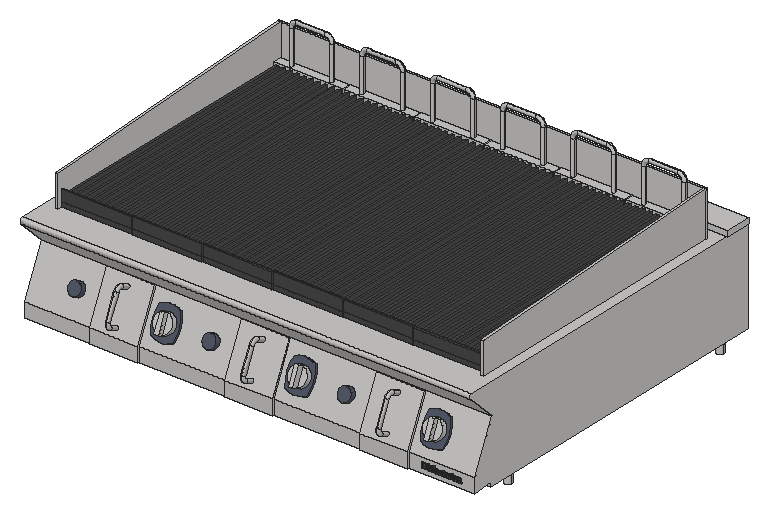
Revit family "QF_ELECTROLUXPROFESSIONAL_391188_E9GRTLGC0P", category Specialty Equipment, Revit 2018
Family settings
  Round Connector Dimension = Use Diameter
  Part Type = Normal
  Work Plane-Based = No
  Always vertical = Yes
  Cut with Voids When Loaded = No
  Shared = No
  Room Calculation Point = No
Parameters
  Width = 1200 mm  # constant formula
  Weight in Pounds = 330.7  # constant formula
  Watts = 0 W
  URL Cutsheet = "www.electrolux.com"
  URL = "www.electrolux.com"
  Type Mark [instance] = ""
  Status [instance] = ""
  Specification by User [instance] = ""
  Specification by Manufacturer = ""
  Show Logo [instance] = yes
  Show Clearance [instance] = yes
  Serial Number = ""
  Seismic Rating = ""
  SMACNA No = ""
  Revision Code [instance] = ""
  Omniclass Number and Title = ""
  NAFEM Spec ID Number = ""
  Model = "391188"
  Mechanical Remarks [instance] = ""
  Mechanical Connection Type [instance] = ""
  Masterspec = ""
  Manufacturer = "ELECTROLUX"
  Item Number [instance] = ""
  Installed By [instance] = ""
  Identify Quantity as Lot [instance] = yes
  HP = "0 HP"
  Gas Size = 19.1 mm  # 0.75197"
  Gas RI Height [instance] = 0 mm
  Gas KW [instance] = 30  # constant formula
  Gas Input [instance] = 30000 VA  # 102364.2 Btu/h
  Gas Connection Height = 0 mm
  Furnished By [instance] = ""
  Foodservice Equipment Identifier [instance] = yes
  Direct Waste Size = 0"
  Description = "GAS GRILL TOP HP 1200 MM TOWN GAS"
  Depth = 930 mm  # constant formula
  CSI MasterFormat = ""
  CSI Master Format = ""
  Base Height [instance] = 0 mm
Reference planes
  plane 1 "BACK": y = 0
  plane 2: z = 0
  plane 3 "LEFT": x = 0
  plane 4 "RIGHT": x = 1200
  plane 5 "FRONT": y = -930
  plane 6 "TOP": z = 275
  plane 7 "Center Y": x = 600
  plane 8 "Center X": y = -465
  plane 9: z = 24
  plane 10: z = 424
  plane 11: x = 11
  plane 12: x = 1189
  plane 13: y = -1690
  plane 14: x = 1148
Forms (mm)
  Extrusion 1, solid, material "QF_Finishes_Stainless Steel"
    sketch origin (0, 0, 0) x (0, 1, 0) y (0, 0, 1)
      loop
        line (0, 275) -> (-922.639, 275)
        arc (-922.639, 275) -> (-929.44, 270.456) -> (-927.844, 262.434) r 7.361
        line (-927.844, 262.434) -> (-857.044, 191.634) -> (-913.4, 69.19) -> (-913.4, 31.09) -> (-860.028, 36.7) -> (-860.028, 24) -> (0, 24) -> (0, 275)
    from 0 to 1200
  Extrusion 2, solid, material "QF_Finishes_Stainless Steel"
    sketch origin (0, 0, 0) x (1, 0, 0) y (0, 1, 0)
      loop
        circle (11, -80) r 9.525
      loop
        circle (11, -788) r 9.525
      loop
        circle (1189, -80) r 9.525
      loop
        circle (1189, -788) r 9.525
    from 0 to 24
  Extrusion 3, solid, material "QF_Clearances", visible <- "Show Clearance", detail levels coarse
    sketch origin (0, 0, 0) x (1, 0, 0) y (0, 1, 0)
      loop
        line (0, -930) -> (0, 0) -> (1200, 0) -> (1200, -930) -> (1352, -930) -> (1352, 203) -> (-150.019, 203) -> (-150.019, -930) -> (0, -930)
    from 0 to 424
  Extrusion 4, solid, material "QF_Finishes_Stainless Steel"
    sketch origin (176.15, -199.714, 0) x (0, 1, 0) y (0, 0, 1)
      loop
        line (-657.416, 191.447) -> (-660.323, 192.784) -> (-716.972, 69.704) -> (-716.972, 30.903) -> (-713.772, 30.903) -> (-713.772, 69.003) -> (-657.416, 191.447)
    from 0 to 127
  Sweep 5, solid, material "QF_Finishes_Stainless Steel"
    path origin (238.65, -199.714, 0) x (0, 1, 0) y (0, 0, 1)
      loop
        line (-670.615, 170.424) -> (-691.243, 179.918)
        arc (-691.243, 179.918) -> (-700.956, 180.294) -> (-708.09, 173.692) r 12.7
        line (-708.09, 173.692) -> (-735.638, 113.839)
        arc (-735.638, 113.839) -> (-736.013, 104.126) -> (-729.411, 96.993) r 12.7
        line (-729.411, 96.993) -> (-708.782, 87.498)
    profile origin (238.65, -880.643, 175.171) x (0, -0.418102, -0.9084) y (1, 0, 0)
      loop
        circle (0, 0) r 4.572
  Extrusion 6, solid, material "QF_Finishes_Navy Blue"
    sketch origin (653.031, -927.103, 39.419) x (0, 0.418102, 0.9084) y (-1, 0, 0)
      loop
        circle (98.862, 174.801) r 17.8
      loop
        circle (98.862, 534.151) r 17.8
      loop
        circle (98.862, -186.549) r 17.8
    from 0 to 12.7
  Extrusion 7, solid, material "QF_Finishes_Stainless Steel"
    sketch origin (648.95, -199.714, 0) x (0, 1, 0) y (0, 0, -1)
      loop
        line (-657.416, -191.447) -> (-713.772, -69.003) -> (-713.772, -30.903) -> (-716.972, -30.903) -> (-716.972, -69.704) -> (-660.323, -192.784) -> (-657.416, -191.447)
    from -13.55 to 113.45
  Sweep 8, solid, material "QF_Finishes_Stainless Steel"
    path origin (600, -199.714, 0) x (0, 1, 0) y (0, 0, -1)
      loop
        line (-670.615, -170.424) -> (-691.243, -179.918)
        arc (-691.243, -179.918) -> (-700.956, -180.294) -> (-708.09, -173.692) r 12.7
        line (-708.09, -173.692) -> (-735.638, -113.839)
        arc (-735.638, -113.839) -> (-736.013, -104.126) -> (-729.411, -96.993) r 12.7
        line (-729.411, -96.993) -> (-708.782, -87.498)
    profile origin (600, -880.643, 175.171) x (0, 0.418102, 0.9084) y (-1, 0, 0)
      loop
        circle (0, 0) r 4.572
  Extrusion 9, solid, material "QF_Door-Drawer Clearances", visible <- "Show Clearance", detail levels coarse
    sketch origin (176.15, -199.714, 0) x (0, 1, 0) y (0, 0, 1)
      loop
        line (-660.323, 192.784) -> (-1409.258, 192.784) -> (-1465.907, 69.704) -> (-1465.907, 30.903) -> (-716.972, 30.903) -> (-716.972, 69.704) -> (-660.323, 192.784)
    from 0 to 127
  Extrusion 10, solid, material "QF_Door-Drawer Clearances", visible <- "Show Clearance", detail levels coarse
    sketch origin (535.5, -199.714, 0) x (0, 1, 0) y (0, 0, 1)
      loop
        line (-660.323, 192.784) -> (-1409.258, 192.784) -> (-1465.907, 69.704) -> (-1465.907, 30.903) -> (-716.972, 30.903) -> (-716.972, 69.704) -> (-660.323, 192.784)
    from 0 to 127
  Sweep 11, solid, material "QF_Door-Drawer Clearances", visible <- "Show Clearance", detail levels coarse
    path origin (238.65, -948.649, 0) x (0, 1, 0) y (0, 0, 1)
      loop
        line (-670.615, 170.424) -> (-691.243, 179.918)
        arc (-691.243, 179.918) -> (-700.956, 180.294) -> (-708.09, 173.692) r 12.7
        line (-708.09, 173.692) -> (-735.638, 113.839)
        arc (-735.638, 113.839) -> (-736.013, 104.126) -> (-729.411, 96.993) r 12.7
        line (-729.411, 96.993) -> (-708.782, 87.498)
    profile origin (238.65, -1629.578, 175.171) x (0, -0.418102, -0.9084) y (1, 0, 0)
      loop
        circle (0, 0) r 4.572
  Sweep 12, solid, material "QF_Door-Drawer Clearances", visible <- "Show Clearance", detail levels coarse
    path origin (600, -948.649, 0) x (0, 1, 0) y (0, 0, -1)
      loop
        line (-670.615, -170.424) -> (-691.243, -179.918)
        arc (-691.243, -179.918) -> (-700.956, -180.294) -> (-708.09, -173.692) r 12.7
        line (-708.09, -173.692) -> (-735.638, -113.839)
        arc (-735.638, -113.839) -> (-736.013, -104.126) -> (-729.411, -96.993) r 12.7
        line (-729.411, -96.993) -> (-708.782, -87.498)
    profile origin (600, -1629.578, 175.171) x (0, 0.418102, 0.9084) y (-1, 0, 0)
      loop
        circle (0, 0) r 4.572
  Extrusion 13, solid, material "QF_Finishes_Black"
    sketch origin (0, 0, 275) x (0, -1, 0) y (1, 0, 0)
      loop
        line (836.985, 36.625) -> (836.985, 222.285) -> (130.285, 222.285) -> (130.285, 36.625) -> (836.985, 36.625)
      loop
        line (836.985, 225.485) -> (836.985, 411.145) -> (130.285, 411.145) -> (130.285, 225.485) -> (836.985, 225.485)
      loop
        line (836.985, 414.345) -> (836.985, 598.45) -> (130.285, 598.45) -> (130.285, 414.345) -> (836.985, 414.345)
      loop
        line (836.985, 1163.375) -> (130.285, 1163.375) -> (130.285, 977.715) -> (836.985, 977.715) -> (836.985, 1163.375)
      loop
        line (836.985, 974.515) -> (130.285, 974.515) -> (130.285, 788.855) -> (836.985, 788.855) -> (836.985, 974.515)
      loop
        line (836.985, 785.655) -> (130.285, 785.655) -> (130.285, 601.55) -> (836.985, 601.55) -> (836.985, 785.655)
    from 0 to 12.7
  Extrusion 14, solid, material "QF_Finishes_Stainless Steel"
    sketch origin (0, 0, 275) x (0, -1, 0) y (1, 0, 0)
      loop
        line (107.795, 36.625) -> (130.285, 36.625) -> (130.285, 222.285) -> (107.795, 222.285) -> (107.795, 36.625)
      loop
        line (107.795, 598.45) -> (107.795, 414.345) -> (130.285, 414.345) -> (130.285, 598.45) -> (107.795, 598.45)
      loop
        line (107.795, 225.485) -> (130.285, 225.485) -> (130.285, 411.145) -> (107.795, 411.145) -> (107.795, 225.485)
      loop
        line (107.795, 1163.375) -> (107.795, 977.715) -> (130.285, 977.715) -> (130.285, 1163.375) -> (107.795, 1163.375)
      loop
        line (107.795, 601.55) -> (130.285, 601.55) -> (130.285, 785.655) -> (107.795, 785.655) -> (107.795, 601.55)
      loop
        line (107.795, 974.515) -> (107.795, 788.855) -> (130.285, 788.855) -> (130.285, 974.515) -> (107.795, 974.515)
    from 0 to 37.056
  Extrusion 15, solid, material "QF_Finishes_Black"
    sketch origin (52.271, -831.985, 287.7) x (-0.153405, 0, 0.988163) y (-0.988163, 0, -0.153405)
      loop
        line (-26.081, -168.002) -> (2.927, -172.505) -> (31.408, 10.957) -> (2.4, 15.46) -> (-26.081, -168.002)
      loop
        line (-55.053, -354.627) -> (-26.045, -359.13) -> (2.436, -175.668) -> (-26.572, -171.164) -> (-55.053, -354.627)
      loop
        line (-83.787, -539.715) -> (-54.779, -544.218) -> (-26.536, -362.292) -> (-55.544, -357.789) -> (-83.787, -539.715)
      loop
        line (-112.505, -724.704) -> (-83.497, -729.207) -> (-55.254, -547.281) -> (-84.262, -542.778) -> (-112.505, -724.704)
      loop
        line (-141.477, -911.328) -> (-112.469, -915.831) -> (-83.988, -732.369) -> (-112.996, -727.866) -> (-141.477, -911.328)
      loop
        line (-170.449, -1097.953) -> (-141.441, -1102.456) -> (-112.96, -918.994) -> (-141.968, -914.49) -> (-170.449, -1097.953)
    from 5 to 0
  Sweep 16, solid, material "QF_Finishes_Stainless Steel"
    path origin (6.123, -118.772, 31.265) x (0, 0, 1) y (-1, 0, 0)
      loop
        line (280.79, -69.374) -> (372.677, -69.374)
        arc (372.677, -69.374) -> (383.453, -73.837) -> (387.917, -84.614) r 15.24
        line (387.917, -84.614) -> (387.917, -162.056)
        arc (387.917, -162.056) -> (383.453, -172.833) -> (372.677, -177.296) r 15.24
        line (372.677, -177.296) -> (280.79, -177.296)
    profile origin (75.497, -118.772, 357.999) x (-1, 0, 0) y (0, -1, 0)
      loop
        circle (0, 0) r 4.572
  Extrusion 17, solid, material "QF_Finishes_Stainless Steel"
    sketch origin (35.025, -104.885, 396.363) x (0, -1, 0) y (0, 0, -1)
      loop
        line (0, 0) -> (743.115, 38.857) -> (743.115, 121.362) -> (0, 121.363) -> (0, 0)
    from 0 to -6.35
  Extrusion 18, solid, material "QF_Finishes_Stainless Steel"
    sketch origin (35.025, -104.885, 275) x (0, 0, 1) y (1, 0, 0)
      loop
        line (0, -6.35) -> (121.363, -6.35) -> (121.363, 1136.3) -> (0, 1136.3) -> (0, -6.35)
    from 0 to 3.2
  Extrusion 19, solid, material "QF_Finishes_Stainless Steel"
    sketch origin (0, 0, 275.7) x (0, -1, 0) y (1, 0, 0)
      loop
        line (0, 1200.1) -> (0, 0) -> (69.85, 0) -> (69.85, 1200.1) -> (0, 1200.1)
    from -0.7 to 14.3
  Extrusion 20, solid, material "QF_Finishes_Stainless Steel"
    sketch origin (764.975, -104.885, 396.363) x (0, -1, 0) y (0, 0, 1)
      loop
        line (0, 0) -> (0, -121.363) -> (743.115, -121.362) -> (743.115, -38.857) -> (0, 0)
    from -406.35 to -400
  Extrusion 21, solid, material "QF_Finishes_Stainless Steel"
    sketch origin (0, -101.6, 24) x (-1, 0, 0) y (0, 1, 0)
      loop
        circle (-1147.9, -561.4) r 9.525
    from 0 to 9
  Extrusion 22, solid, material "QF_Finishes_Stainless Steel"
    sketch origin (0, 0, 0) x (1, 0, 0) y (0, 0, 1)
      loop
        circle (1148, 78) r 9.525
    from 50 to 101.685
  Sweep 23, solid, material "QF_Finishes_Stainless Steel"
    path origin (194.983, -118.772, 31.265) x (0, 0, 1) y (-1, 0, 0)
      loop
        line (280.79, -69.374) -> (372.677, -69.374)
        arc (372.677, -69.374) -> (383.453, -73.837) -> (387.917, -84.614) r 15.24
        line (387.917, -84.614) -> (387.917, -162.056)
        arc (387.917, -162.056) -> (383.453, -172.833) -> (372.677, -177.296) r 15.24
        line (372.677, -177.296) -> (280.79, -177.296)
    profile origin (264.357, -118.772, 357.999) x (-1, 0, 0) y (0, -1, 0)
      loop
        circle (0, 0) r 4.572
  Sweep 24, solid, material "QF_Finishes_Stainless Steel"
    path origin (383.066, -118.772, 31.265) x (0, 0, 1) y (-1, 0, 0)
      loop
        line (280.79, -69.374) -> (372.677, -69.374)
        arc (372.677, -69.374) -> (383.453, -73.837) -> (387.917, -84.614) r 15.24
        line (387.917, -84.614) -> (387.917, -162.056)
        arc (387.917, -162.056) -> (383.453, -172.833) -> (372.677, -177.296) r 15.24
        line (372.677, -177.296) -> (280.79, -177.296)
    profile origin (452.439, -118.772, 357.999) x (-1, 0, 0) y (0, -1, 0)
      loop
        circle (0, 0) r 4.572
  Sweep 25, solid, material "QF_Finishes_Stainless Steel"
    path origin (570.271, -118.772, 31.265) x (0, 0, 1) y (-1, 0, 0)
      loop
        line (280.79, -69.374) -> (372.677, -69.374)
        arc (372.677, -69.374) -> (383.453, -73.837) -> (387.917, -84.614) r 15.24
        line (387.917, -84.614) -> (387.917, -162.056)
        arc (387.917, -162.056) -> (383.453, -172.833) -> (372.677, -177.296) r 15.24
        line (372.677, -177.296) -> (280.79, -177.296)
    profile origin (639.644, -118.772, 357.999) x (-1, 0, 0) y (0, -1, 0)
      loop
        circle (0, 0) r 4.572
  Sweep 26, solid, material "QF_Finishes_Stainless Steel"
    path origin (758.353, -118.772, 31.265) x (0, 0, 1) y (-1, 0, 0)
      loop
        line (280.79, -69.374) -> (372.677, -69.374)
        arc (372.677, -69.374) -> (383.453, -73.837) -> (387.917, -84.614) r 15.24
        line (387.917, -84.614) -> (387.917, -162.056)
        arc (387.917, -162.056) -> (383.453, -172.833) -> (372.677, -177.296) r 15.24
        line (372.677, -177.296) -> (280.79, -177.296)
    profile origin (827.727, -118.772, 357.999) x (-1, 0, 0) y (0, -1, 0)
      loop
        circle (0, 0) r 4.572
  Sweep 27, solid, material "QF_Finishes_Stainless Steel"
    path origin (947.213, -118.772, 31.265) x (0, 0, 1) y (-1, 0, 0)
      loop
        line (280.79, -69.374) -> (372.677, -69.374)
        arc (372.677, -69.374) -> (383.453, -73.837) -> (387.917, -84.614) r 15.24
        line (387.917, -84.614) -> (387.917, -162.056)
        arc (387.917, -162.056) -> (383.453, -172.833) -> (372.677, -177.296) r 15.24
        line (372.677, -177.296) -> (280.79, -177.296)
    profile origin (1016.587, -118.772, 357.999) x (-1, 0, 0) y (0, -1, 0)
      loop
        circle (0, 0) r 4.572
  Extrusion 28, solid, material "QF_Finishes_Stainless Steel"
    sketch origin (1023.85, -199.714, 0) x (0, 1, 0) y (0, 0, -1)
      loop
        line (-657.416, -191.447) -> (-713.772, -69.003) -> (-713.772, -30.903) -> (-716.972, -30.903) -> (-716.972, -69.704) -> (-660.323, -192.784) -> (-657.416, -191.447)
    from 0 to 127
  Sweep 29, solid, material "QF_Finishes_Stainless Steel"
    path origin (961.35, -199.714, 0) x (0, 1, 0) y (0, 0, -1)
      loop
        line (-670.615, -170.424) -> (-691.243, -179.918)
        arc (-691.243, -179.918) -> (-700.956, -180.294) -> (-708.09, -173.692) r 12.7
        line (-708.09, -173.692) -> (-735.638, -113.839)
        arc (-735.638, -113.839) -> (-736.013, -104.126) -> (-729.411, -96.993) r 12.7
        line (-729.411, -96.993) -> (-708.782, -87.498)
    profile origin (961.35, -880.643, 175.171) x (0, 0.418102, 0.9084) y (-1, 0, 0)
      loop
        circle (0, 0) r 4.572
  Extrusion 30, solid, material "QF_Door-Drawer Clearances", visible <- "Show Clearance", detail levels coarse
    sketch origin (1023.85, -199.714, 0) x (0, 1, 0) y (0, 0, -1)
      loop
        line (-660.323, -192.784) -> (-716.972, -69.704) -> (-716.972, -30.903) -> (-1465.907, -30.903) -> (-1465.907, -69.704) -> (-1409.258, -192.784) -> (-660.323, -192.784)
    from 0 to 127
  Sweep 31, solid, material "QF_Door-Drawer Clearances", visible <- "Show Clearance", detail levels coarse
    path origin (961.35, -948.649, 0) x (0, 1, 0) y (0, 0, -1)
      loop
        line (-670.615, -170.424) -> (-691.243, -179.918)
        arc (-691.243, -179.918) -> (-700.956, -180.294) -> (-708.09, -173.692) r 12.7
        line (-708.09, -173.692) -> (-735.638, -113.839)
        arc (-735.638, -113.839) -> (-736.013, -104.126) -> (-729.411, -96.993) r 12.7
        line (-729.411, -96.993) -> (-708.782, -87.498)
    profile origin (961.35, -1629.578, 175.171) x (0, 0.418102, 0.9084) y (-1, 0, 0)
      loop
        circle (0, 0) r 4.572
  Extrusion 32, solid, material "QF_Finishes_Navy Blue"
    sketch origin (-183.02, -913.486, 69.003) x (0, 0.418102, 0.9084) y (-1, 0, 0)
      loop
        arc (102.623, -510.47) -> (67.041, -502.846) -> (31.333, -509.853) r 90.5
        arc (31.333, -509.853) -> (24.507, -539.04) -> (31.333, -568.228) r 65.817
        arc (31.333, -568.228) -> (67.04, -575.188) -> (102.623, -567.615) r 91.066
        arc (102.623, -567.615) -> (109.179, -539.043) -> (102.623, -510.47) r 65.546
    from 0 to 3.175
  Extrusion 33, solid, material "QF_Finishes_Stainless Steel"
    sketch origin (195.73, -917.2, 68.529) x (0, 0.418102, 0.9084) y (-1, 0, 0)
      loop
        circle (68.826, -160.963) r 25.4
    from 0 to 12.7
  Extrusion 34, solid, material "QF_Finishes_Stainless Steel"
    sketch origin (195.73, -928.736, 73.839) x (0, 0.418102, 0.9084) y (-1, 0, 0)
      loop
        arc (93.558, -166.749) -> (94.226, -160.963) -> (93.558, -155.177) r 25.4
        line (93.558, -155.177) -> (44.094, -155.177)
        arc (44.094, -155.177) -> (43.426, -160.963) -> (44.094, -166.749) r 25.4
        line (44.094, -166.749) -> (93.558, -166.749)
    from 0 to 12.7
  Extrusion 35, solid, material "QF_Finishes_Navy Blue", visible <- "Show Logo"
    sketch origin (773.349, -913.486, 37.153) x (0, 0, 1) y (-1, 0, 0)
      loop
        line (20.674, -296.698) -> (8.307, -296.698)
        arc (8.307, -296.698) -> (14.491, -301.27) -> (20.674, -296.698) r 6.467
      loop
        arc (20.674, -296.069) -> (19.505, -290.926) -> (14.849, -288.448) r 6.338
        line (14.849, -288.448) -> (14.849, -290.494)
        arc (14.849, -290.494) -> (16.333, -294.149) -> (19.778, -296.069) r 5.941
        line (19.778, -296.069) -> (20.674, -296.069)
      loop
        arc (9.203, -296.069) -> (12.648, -294.149) -> (14.132, -290.494) r 5.941
        line (14.132, -290.494) -> (14.132, -288.448)
        arc (14.132, -288.448) -> (9.438, -290.922) -> (8.148, -296.069) r 6.504
        line (8.148, -296.069) -> (9.203, -296.069)
      loop
        line (21.349, -287.979) -> (7.604, -287.979) -> (7.604, -301.742) -> (21.349, -301.742) -> (21.349, -287.979)
      loop
        arc (21.432, -304.71) -> (21.085, -304.352) -> (20.718, -304.69) r 0.358
        arc (20.718, -304.69) -> (20.404, -305.44) -> (19.687, -305.825) r 1.216
        line (19.687, -305.825) -> (9.274, -305.825)
        arc (9.274, -305.825) -> (8.614, -305.548) -> (8.218, -304.951) r 1.238
        arc (8.218, -304.951) -> (7.823, -304.7) -> (7.518, -305.054) r 0.358
        line (7.518, -305.054) -> (7.518, -314.933) -> (10.269, -314.933) -> (10.269, -314.036)
        arc (10.269, -314.036) -> (9.36, -313.456) -> (8.904, -312.479) r 1.928
        line (8.904, -312.479) -> (8.904, -309.98)
        arc (8.904, -309.98) -> (9.18, -309.251) -> (9.868, -308.887) r 1.101
        line (9.868, -308.887) -> (13.955, -308.887) -> (13.955, -312.561)
        arc (13.955, -312.561) -> (13.602, -313.058) -> (13.037, -313.286) r 1.083
        arc (13.037, -313.286) -> (12.773, -313.591) -> (13.065, -313.869) r 0.292
        line (13.065, -313.869) -> (16.028, -313.869)
        arc (16.028, -313.869) -> (16.33, -313.596) -> (16.092, -313.266) r 0.305
        arc (16.092, -313.266) -> (15.601, -313.018) -> (15.296, -312.561) r 1.083
        line (15.296, -312.561) -> (15.296, -308.887) -> (19.973, -308.887) -> (19.973, -312.635)
        arc (19.973, -312.635) -> (19.759, -313.39) -> (19.153, -313.888) r 1.314
        arc (19.153, -313.888) -> (18.934, -314.292) -> (19.288, -314.585) r 0.361
        line (19.288, -314.585) -> (21.432, -314.585) -> (21.432, -304.71)
      loop
        arc (20.715, -315.365) -> (20.335, -316.284) -> (19.416, -316.664) r 1.299
        line (19.416, -316.664) -> (9.837, -316.664)
        arc (9.837, -316.664) -> (8.999, -316.286) -> (8.728, -315.408) r 1.118
        line (8.728, -315.408) -> (7.518, -315.408) -> (7.518, -320.758) -> (8.706, -320.758)
        arc (8.706, -320.758) -> (8.978, -319.841) -> (9.848, -319.445) r 1.153
        line (9.848, -319.445) -> (21.92, -319.445) -> (20.715, -315.365)
      loop
        line (12.483, -323.394) -> (12.483, -329.842) -> (13.282, -329.842)
        arc (13.282, -329.842) -> (15.862, -328.857) -> (17.131, -326.404) r 3.874
        line (17.131, -326.404) -> (17.131, -324.643)
        arc (17.131, -324.643) -> (15.944, -321.778) -> (13.08, -320.592) r 4.051
        line (13.08, -320.592) -> (11.072, -320.592)
        arc (11.072, -320.592) -> (8.253, -322.077) -> (7.202, -325.084) r 4.352
        arc (7.202, -325.084) -> (7.566, -327.547) -> (8.943, -329.621) r 5.713
        line (8.943, -329.621) -> (9.892, -329.621)
        arc (9.892, -329.621) -> (9.16, -328.052) -> (8.943, -326.334) r 5.579
        arc (8.943, -326.334) -> (9.737, -324.371) -> (11.616, -323.394) r 3.057
        line (11.616, -323.394) -> (12.483, -323.394)
      loop
        line (13.742, -323.394) -> (13.742, -326.977)
        arc (13.742, -326.977) -> (15.199, -327.024) -> (16.082, -325.864) r 1.59
        line (16.082, -325.864) -> (16.082, -325.034)
        arc (16.082, -325.034) -> (15.217, -323.779) -> (13.742, -323.394) r 2.184
      loop
        arc (16.533, -339.259) -> (17.022, -337.585) -> (17.179, -335.848) r 9.023
        line (17.179, -335.848) -> (17.179, -334.486)
        arc (17.179, -334.486) -> (16.02, -331.686) -> (13.22, -330.527) r 3.959
        line (13.22, -330.527) -> (10.62, -330.527)
        arc (10.62, -330.527) -> (8.338, -331.819) -> (7.221, -334.192) r 4.331
        line (7.221, -334.192) -> (7.221, -336.327)
        arc (7.221, -336.327) -> (7.729, -337.877) -> (8.651, -339.223) r 5.772
        arc (8.651, -339.223) -> (9.412, -339.274) -> (9.499, -338.515) r 0.553
        arc (9.499, -338.515) -> (9.111, -337.781) -> (8.977, -336.962) r 2.573
        line (8.977, -336.962) -> (8.977, -335.447)
        arc (8.977, -335.447) -> (9.983, -333.806) -> (11.798, -333.163) r 2.884
        line (11.798, -333.163) -> (13.077, -333.163)
        arc (13.077, -333.163) -> (14.898, -333.723) -> (15.824, -335.388) r 2.554
        line (15.824, -335.388) -> (15.824, -336.441)
        arc (15.824, -336.441) -> (15.493, -337.369) -> (14.836, -338.104) r 2.564
        arc (14.836, -338.104) -> (14.614, -338.821) -> (15.223, -339.259) r 0.643
        line (15.223, -339.259) -> (16.533, -339.259)
      loop
        line (15.515, -339.53) -> (15.515, -341.031) -> (9.467, -341.031)
        arc (9.467, -341.031) -> (7.879, -341.688) -> (7.221, -343.276) r 2.246
        line (7.221, -343.276) -> (7.221, -344.86)
        arc (7.221, -344.86) -> (7.535, -345.725) -> (8.035, -346.496) r 4.06
        arc (8.035, -346.496) -> (8.768, -346.629) -> (9.019, -345.928) r 0.576
        arc (9.019, -345.928) -> (8.913, -345.403) -> (8.977, -344.87) r 1.69
        arc (8.977, -344.87) -> (9.519, -344.082) -> (10.425, -343.779) r 1.506
        line (10.425, -343.779) -> (15.563, -343.779) -> (15.563, -346.176) -> (16.119, -346.733) -> (16.941, -346.733) -> (16.941, -343.873) -> (20.172, -343.873) -> (15.515, -339.53)
      loop
        line (7.438, -347.63) -> (7.438, -353.017) -> (8.548, -353.017)
        arc (8.548, -353.017) -> (8.942, -352.066) -> (9.893, -351.672) r 1.345
        line (9.893, -351.672) -> (13.509, -351.672)
        arc (13.509, -351.672) -> (14.274, -352.264) -> (14.564, -353.186) r 1.615
        line (14.564, -353.186) -> (14.564, -354.742) -> (17.119, -355.427) -> (17.119, -354.044) -> (15.177, -351.485) -> (17.057, -351.485) -> (16.773, -348.779)
        arc (16.773, -348.779) -> (16.333, -348.249) -> (15.674, -348.45) r 0.621
        arc (15.674, -348.45) -> (15.274, -348.792) -> (14.78, -348.975) r 1.501
        line (14.78, -348.975) -> (9.893, -348.975)
        arc (9.893, -348.975) -> (8.942, -348.581) -> (8.548, -347.63) r 1.345
        line (8.548, -347.63) -> (7.438, -347.63)
      loop
        line (13.54, -354.964) -> (10.848, -354.964)
        arc (10.848, -354.964) -> (8.403, -356.272) -> (7.269, -358.803) r 4.288
        arc (7.269, -358.803) -> (7.205, -360.183) -> (7.269, -361.563) r 15.022
        arc (7.269, -361.563) -> (8.403, -364.094) -> (10.848, -365.401) r 4.288
        line (10.848, -365.401) -> (13.54, -365.401)
        arc (13.54, -365.401) -> (15.986, -364.094) -> (17.119, -361.563) r 4.288
        arc (17.119, -361.563) -> (17.183, -360.183) -> (17.119, -358.803) r 15.022
        arc (17.119, -358.803) -> (15.986, -356.272) -> (13.54, -354.964) r 4.288
      loop
        line (13.745, -358.078) -> (10.643, -358.078)
        arc (10.643, -358.078) -> (8.486, -360.235) -> (10.643, -362.392) r 2.157
        line (10.643, -362.392) -> (13.745, -362.392)
        arc (13.745, -362.392) -> (15.902, -360.235) -> (13.745, -358.078) r 2.157
      loop
        arc (20.726, -365.26) -> (20.355, -366.154) -> (19.461, -366.524) r 1.264
        line (19.461, -366.524) -> (9.597, -366.524)
        arc (9.597, -366.524) -> (8.727, -366.127) -> (8.455, -365.211) r 1.153
        line (8.455, -365.211) -> (7.518, -365.211) -> (7.518, -370.319) -> (8.446, -370.319)
        arc (8.446, -370.319) -> (8.805, -369.547) -> (9.597, -369.232) r 1.153
        line (9.597, -369.232) -> (21.92, -369.232) -> (20.726, -365.26)
      loop
        arc (15.846, -369.857) -> (15.647, -370.921) -> (14.678, -371.403) r 1.215
        line (14.678, -371.403) -> (9.658, -371.403)
        arc (9.658, -371.403) -> (8.043, -372.051) -> (7.322, -373.634) r 2.338
        line (7.322, -373.634) -> (7.322, -375.148)
        arc (7.322, -375.148) -> (7.497, -376.152) -> (7.999, -377.038) r 2.979
        line (7.999, -377.038) -> (7.518, -378.835) -> (7.518, -380.524) -> (16.943, -380.524) -> (16.649, -376.32) -> (15.863, -376.32)
        arc (15.863, -376.32) -> (15.507, -377.156) -> (14.755, -377.665) r 1.605
        line (14.755, -377.665) -> (9.652, -377.665)
        arc (9.652, -377.665) -> (9.232, -376.728) -> (9.159, -375.704) r 2.94
        arc (9.159, -375.704) -> (9.72, -374.603) -> (10.873, -374.16) r 1.724
        line (10.873, -374.16) -> (17.07, -374.16) -> (15.846, -369.857)
      loop
        line (16.874, -381.377) -> (15.202, -383.423) -> (12.028, -385.729) -> (8.572, -382.617)
        arc (8.572, -382.617) -> (8.335, -382.223) -> (8.357, -381.764) r 0.789
        line (8.357, -381.764) -> (7.518, -381.764) -> (7.518, -385.309) -> (8.344, -385.309)
        arc (8.344, -385.309) -> (8.686, -384.947) -> (9.176, -385.039) r 0.52
        line (9.176, -385.039) -> (10.976, -386.51) -> (8.858, -387.886)
        arc (8.858, -387.886) -> (8.457, -387.576) -> (8.37, -387.076) r 0.7
        line (8.37, -387.076) -> (7.518, -387.076) -> (7.518, -393.003) -> (8.405, -393.003)
        arc (8.405, -393.003) -> (8.472, -392.344) -> (8.866, -391.813) r 1.247
        line (8.866, -391.813) -> (13.066, -388.532) -> (15.513, -390.585) -> (16.874, -392.327) -> (16.874, -388.604) -> (15.389, -389.026) -> (13.868, -387.749) -> (15.568, -386.559) -> (16.874, -387.336) -> (16.874, -381.377)
    from 0 to 1.644
  Extrusion 36, solid, material "QF_Finishes_Navy Blue"
    sketch origin (176.33, -913.486, 69.003) x (0, 0.418102, 0.9084) y (-1, 0, 0)
      loop
        arc (102.623, -510.47) -> (67.041, -502.846) -> (31.333, -509.853) r 90.5
        arc (31.333, -509.853) -> (24.507, -539.04) -> (31.333, -568.228) r 65.817
        arc (31.333, -568.228) -> (67.04, -575.188) -> (102.623, -567.615) r 91.066
        arc (102.623, -567.615) -> (109.179, -539.043) -> (102.623, -510.47) r 65.546
    from 0 to 3.175
  Extrusion 37, solid, material "QF_Finishes_Stainless Steel"
    sketch origin (555.08, -917.2, 68.529) x (0, 0.418102, 0.9084) y (-1, 0, 0)
      loop
        circle (68.826, -160.963) r 25.4
    from 0 to 12.7
  Extrusion 38, solid, material "QF_Finishes_Stainless Steel"
    sketch origin (555.08, -928.736, 73.839) x (0, 0.418102, 0.9084) y (-1, 0, 0)
      loop
        arc (93.558, -166.749) -> (94.226, -160.963) -> (93.558, -155.177) r 25.4
        line (93.558, -155.177) -> (44.094, -155.177)
        arc (44.094, -155.177) -> (43.426, -160.963) -> (44.094, -166.749) r 25.4
        line (44.094, -166.749) -> (93.558, -166.749)
    from 0 to 12.7
  Extrusion 39, solid, material "QF_Finishes_Navy Blue"
    sketch origin (537.68, -913.486, 69.003) x (0, 0.418102, 0.9084) y (-1, 0, 0)
      loop
        arc (102.623, -510.47) -> (67.041, -502.846) -> (31.333, -509.853) r 90.5
        arc (31.333, -509.853) -> (24.507, -539.04) -> (31.333, -568.228) r 65.817
        arc (31.333, -568.228) -> (67.04, -575.188) -> (102.623, -567.615) r 91.066
        arc (102.623, -567.615) -> (109.179, -539.043) -> (102.623, -510.47) r 65.546
    from 0 to 3.175
  Extrusion 40, solid, material "QF_Finishes_Stainless Steel"
    sketch origin (916.43, -917.2, 68.529) x (0, 0.418102, 0.9084) y (-1, 0, 0)
      loop
        circle (68.826, -160.963) r 25.4
    from 0 to 12.7
  Extrusion 41, solid, material "QF_Finishes_Stainless Steel"
    sketch origin (916.43, -928.736, 73.839) x (0, 0.418102, 0.9084) y (-1, 0, 0)
      loop
        arc (93.558, -166.749) -> (94.226, -160.963) -> (93.558, -155.177) r 25.4
        line (93.558, -155.177) -> (44.094, -155.177)
        arc (44.094, -155.177) -> (43.426, -160.963) -> (44.094, -166.749) r 25.4
        line (44.094, -166.749) -> (93.558, -166.749)
    from 0 to 12.7
Lines and regions (mm)
  Split face 1
    outline origin (-183.02, -916.37, 70.33) x (0, 0.418102, 0.9084) y (-1, 0, 0)
      loop
        arc (67.041, -503.158) -> (48.669, -506.69) -> (35.363, -519.842) r 32.191
        line (35.363, -519.842) -> (45.047, -525.087)
        arc (45.047, -525.087) -> (54.648, -516.737) -> (67.041, -513.859) r 26.351
        line (67.041, -513.859) -> (67.041, -503.158)
  Split face 2
    outline origin (-183.02, -916.37, 70.33) x (0, 0.418102, 0.9084) y (-1, 0, 0)
      loop
        line (44.251, -526.293) -> (34.615, -521.075)
        arc (34.615, -521.075) -> (41.047, -560.592) -> (81.049, -562.261) r 31.684
        arc (81.049, -562.261) -> (48.21, -559.05) -> (44.251, -526.293) r 26.351
  Split face 3
    outline origin (176.33, -916.37, 70.33) x (0, 0.418102, 0.9084) y (-1, 0, 0)
      loop
        arc (67.041, -503.158) -> (48.669, -506.69) -> (35.363, -519.842) r 32.191
        line (35.363, -519.842) -> (45.047, -525.087)
        arc (45.047, -525.087) -> (54.648, -516.737) -> (67.041, -513.859) r 26.351
        line (67.041, -513.859) -> (67.041, -503.158)
  Split face 4
    outline origin (176.33, -916.37, 70.33) x (0, 0.418102, 0.9084) y (-1, 0, 0)
      loop
        line (44.251, -526.293) -> (34.615, -521.075)
        arc (34.615, -521.075) -> (41.047, -560.592) -> (81.049, -562.261) r 31.684
        arc (81.049, -562.261) -> (48.21, -559.05) -> (44.251, -526.293) r 26.351
  Split face 5
    outline origin (537.68, -916.37, 70.33) x (0, 0.418102, 0.9084) y (-1, 0, 0)
      loop
        arc (67.041, -503.158) -> (48.669, -506.69) -> (35.363, -519.842) r 32.191
        line (35.363, -519.842) -> (45.047, -525.087)
        arc (45.047, -525.087) -> (54.648, -516.737) -> (67.041, -513.859) r 26.351
        line (67.041, -513.859) -> (67.041, -503.158)
  Split face 6
    outline origin (537.68, -916.37, 70.33) x (0, 0.418102, 0.9084) y (-1, 0, 0)
      loop
        line (44.251, -526.293) -> (34.615, -521.075)
        arc (34.615, -521.075) -> (41.047, -560.592) -> (81.049, -562.261) r 31.684
        arc (81.049, -562.261) -> (48.21, -559.05) -> (44.251, -526.293) r 26.351
  symbolic lines, style "QF_Door-Drawer Clearances"
    curve 1: line (303.15, -1665.621, 0) -> (303.15, -930, 0)
    curve 2: line (303.15, -1665.621, 0) -> (243.222, -1665.621, 0)
    curve 3: line (176.15, -1665.621, 0) -> (176.15, -930, 0)
    curve 4: spline (238.65, -1617.352, 0) -> (239.247, -1617.369, 0) -> (239.833, -1617.417, 0) -> (240.4, -1617.498, 0) -> (240.936, -1617.608, 0) -> (241.433, -1617.747, 0) -> (241.883, -1617.912, 0) -> (242.277, -1618.1, 0) -> (242.609, -1618.308, 0) -> (242.874, -1618.532, 0) -> (243.066, -1618.769, 0) -> (243.183, -1619.014, 0) -> (243.222, -1619.264, 0)
    curve 5: spline (234.078, -1619.264, 0) -> (234.117, -1619.014, 0) -> (234.234, -1618.769, 0) -> (234.426, -1618.532, 0) -> (234.691, -1618.308, 0) -> (235.023, -1618.1, 0) -> (235.417, -1617.912, 0) -> (235.867, -1617.747, 0) -> (236.364, -1617.608, 0) -> (236.9, -1617.498, 0) -> (237.467, -1617.417, 0) -> (238.053, -1617.369, 0) -> (238.65, -1617.352, 0)
    curve 6: line (243.222, -1619.264, 0) -> (243.222, -1685.435, 0)
    curve 7: line (234.078, -1619.264, 0) -> (234.078, -1685.435, 0)
    curve 8: arc (234.078, -1685.435, 0) -> (238.65, -1690.007, 0) -> (243.222, -1685.435, 0) r 4.572
    curve 9: line (662.5, -1665.621, 0) -> (662.5, -930, 0)
    curve 10: line (662.5, -1665.621, 0) -> (604.572, -1665.621, 0)
    curve 11: line (535.5, -1665.621, 0) -> (535.5, -930, 0)
    curve 12: spline (600, -1617.352, 0) -> (600.597, -1617.369, 0) -> (601.183, -1617.417, 0) -> (601.75, -1617.498, 0) -> (602.286, -1617.608, 0) -> (602.783, -1617.747, 0) -> (603.233, -1617.912, 0) -> (603.627, -1618.1, 0) -> (603.959, -1618.308, 0) -> (604.224, -1618.532, 0) -> (604.416, -1618.769, 0) -> (604.533, -1619.014, 0) -> (604.572, -1619.264, 0)
    curve 13: spline (595.428, -1619.264, 0) -> (595.467, -1619.014, 0) -> (595.584, -1618.769, 0) -> (595.776, -1618.532, 0) -> (596.041, -1618.308, 0) -> (596.373, -1618.1, 0) -> (596.767, -1617.912, 0) -> (597.217, -1617.747, 0) -> (597.714, -1617.608, 0) -> (598.25, -1617.498, 0) -> (598.817, -1617.417, 0) -> (599.403, -1617.369, 0) -> (600, -1617.352, 0)
    curve 14: line (604.572, -1619.264, 0) -> (604.572, -1685.435, 0)
    curve 15: line (595.428, -1619.264, 0) -> (595.428, -1685.435, 0)
    curve 16: arc (595.428, -1685.435, 0) -> (600, -1690.007, 0) -> (604.572, -1685.435, 0) r 4.572
    curve 17: line (595.428, -1665.621, 0) -> (535.5, -1665.621, 0)
    curve 18: line (234.078, -1665.621, 0) -> (176.15, -1665.621, 0)
    curve 89: line (896.85, -1665.621, 0) -> (896.85, -930, 0)
    curve 90: line (896.85, -1665.621, 0) -> (956.778, -1665.621, 0)
    curve 91: line (1023.85, -1665.621, 0) -> (1023.85, -930, 0)
    curve 92: spline (961.35, -1617.352, 0) -> (960.753, -1617.369, 0) -> (960.167, -1617.417, 0) -> (959.6, -1617.498, 0) -> (959.064, -1617.608, 0) -> (958.567, -1617.747, 0) -> (958.117, -1617.912, 0) -> (957.723, -1618.1, 0) -> (957.391, -1618.308, 0) -> (957.126, -1618.532, 0) -> (956.934, -1618.769, 0) -> (956.817, -1619.014, 0) -> (956.778, -1619.264, 0)
    curve 93: spline (965.922, -1619.264, 0) -> (965.883, -1619.014, 0) -> (965.766, -1618.769, 0) -> (965.574, -1618.532, 0) -> (965.309, -1618.308, 0) -> (964.977, -1618.1, 0) -> (964.583, -1617.912, 0) -> (964.133, -1617.747, 0) -> (963.636, -1617.608, 0) -> (963.1, -1617.498, 0) -> (962.533, -1617.417, 0) -> (961.947, -1617.369, 0) -> (961.35, -1617.352, 0)
    curve 94: line (956.778, -1619.264, 0) -> (956.778, -1685.435, 0)
    curve 95: line (965.922, -1619.264, 0) -> (965.922, -1685.435, 0)
    curve 96: arc (965.922, -1685.435, 0) -> (961.35, -1690.007, 0) -> (956.778, -1685.435, 0) r 4.572
    curve 97: line (965.922, -1665.621, 0) -> (1023.85, -1665.621, 0)
  symbolic lines, style "QF_Clearances", visible <- "Show Clearance", detail levels coarse
    curve 19: line (1352, -930, 0) -> (1352, 203, 0)
    curve 20: line (1352, 203, 0) -> (-150.019, 203, 0)
    curve 21: line (-150.019, 203, 0) -> (-150.019, -930, 0)
  symbolic lines
    curve 22: line (0, -930, 0) -> (1200, -930, 0)
    curve 23: line (0, 0, 0) -> (0, -930, 0)
    curve 24: line (1200, 0, 0) -> (0, 0, 0)
    curve 25: line (1200, -930, 0) -> (1200, 0, 0)
    curve 26: line (0, -69.85, 0) -> (1200, -69.85, 0)
    curve 27: line (1171.325, -848, 0) -> (1171.325, -98.535, 0)
    curve 28: line (35.025, -104.885, 0) -> (1164.975, -104.885, 0)
    curve 29: line (1164.975, -104.885, 0) -> (1164.975, -848, 0)
    curve 30: line (36.625, -836.985, 0) -> (222.285, -836.985, 0)
    curve 31: line (222.285, -831.985, 0) -> (36.625, -831.985, 0)
    curve 32: line (598.45, -831.985, 0) -> (414.345, -831.985, 0)
    curve 33: line (601.55, -836.985, 0) -> (785.655, -836.985, 0)
    curve 34: line (785.655, -831.985, 0) -> (601.55, -831.985, 0)
    curve 35: line (788.855, -836.985, 0) -> (974.515, -836.985, 0)
    curve 36: line (1163.375, -831.985, 0) -> (977.715, -831.985, 0)
    curve 37: line (1164.975, -848, 0) -> (1171.325, -848, 0)
    curve 38: line (28.675, -848, 0) -> (28.675, -98.535, 0)
    curve 39: line (35.025, -104.885, 0) -> (35.025, -848, 0)
    curve 40: line (35.025, -848, 0) -> (28.675, -848, 0)
    curve 41: line (28.675, -98.535, 0) -> (1171.325, -98.535, 0)
    curve 42: line (222.285, -836.985, 0) -> (222.285, -107.795, 0)
    curve 43: line (222.285, -107.795, 0) -> (36.625, -107.795, 0)
    curve 44: line (36.625, -130.285, 0) -> (222.285, -130.285, 0)
    curve 45: line (36.625, -107.795, 0) -> (36.625, -836.985, 0)
    curve 46: line (75.471, -123.344, 0) -> (183.439, -123.344, 0)
    curve 47: line (75.471, -114.2, 0) -> (183.439, -114.2, 0)
    curve 48: arc (183.439, -114.2, 0) -> (188.011, -118.772, 0) -> (183.439, -123.344, 0) r 4.572
    curve 49: arc (75.471, -114.2, 0) -> (70.899, -118.772, 0) -> (75.471, -123.344, 0) r 4.572
    curve 50: line (225.485, -836.985, 0) -> (411.145, -836.985, 0)
    curve 51: line (411.145, -836.985, 0) -> (411.145, -107.795, 0)
    curve 52: line (411.145, -107.795, 0) -> (225.485, -107.795, 0)
    curve 53: line (225.485, -130.285, 0) -> (411.145, -130.285, 0)
    curve 54: line (225.485, -107.795, 0) -> (225.485, -836.985, 0)
    curve 55: line (414.345, -836.985, 0) -> (414.345, -107.795, 0)
    curve 56: line (598.45, -107.795, 0) -> (414.345, -107.795, 0)
    curve 57: line (414.345, -130.285, 0) -> (598.45, -130.285, 0)
    curve 58: line (598.45, -836.985, 0) -> (598.45, -107.795, 0)
    curve 59: line (601.55, -836.985, 0) -> (601.55, -107.795, 0)
    curve 60: line (411.145, -831.985, 0) -> (225.485, -831.985, 0)
    curve 61: line (785.655, -836.985, 0) -> (785.655, -107.795, 0)
    curve 62: line (788.855, -836.985, 0) -> (788.855, -107.795, 0)
    curve 63: line (974.515, -836.985, 0) -> (974.515, -107.795, 0)
    curve 64: line (977.715, -836.985, 0) -> (977.715, -107.795, 0)
    curve 65: line (1163.375, -836.985, 0) -> (1163.375, -107.795, 0)
    curve 66: line (974.515, -831.985, 0) -> (788.855, -831.985, 0)
    curve 67: line (977.715, -836.985, 0) -> (1163.375, -836.985, 0)
    curve 68: line (598.45, -836.985, 0) -> (414.345, -836.985, 0)
    curve 69: line (264.331, -123.344, 0) -> (372.299, -123.344, 0)
    curve 70: line (264.331, -114.2, 0) -> (372.299, -114.2, 0)
    curve 71: arc (372.299, -114.2, 0) -> (376.871, -118.772, 0) -> (372.299, -123.344, 0) r 4.572
    curve 72: arc (264.331, -114.2, 0) -> (259.759, -118.772, 0) -> (264.331, -123.344, 0) r 4.572
    curve 73: line (452.413, -123.344, 0) -> (560.382, -123.344, 0)
    curve 74: line (452.413, -114.2, 0) -> (560.382, -114.2, 0)
    curve 75: arc (560.382, -114.2, 0) -> (564.954, -118.772, 0) -> (560.382, -123.344, 0) r 4.572
    curve 76: arc (452.413, -114.2, 0) -> (447.841, -118.772, 0) -> (452.413, -123.344, 0) r 4.572
    curve 77: line (639.618, -123.344, 0) -> (747.587, -123.344, 0)
    curve 78: line (639.618, -114.2, 0) -> (747.587, -114.2, 0)
    curve 79: arc (747.587, -114.2, 0) -> (752.159, -118.772, 0) -> (747.587, -123.344, 0) r 4.572
    curve 80: arc (639.618, -114.2, 0) -> (635.046, -118.772, 0) -> (639.618, -123.344, 0) r 4.572
    curve 81: line (827.701, -123.344, 0) -> (935.669, -123.344, 0)
    curve 82: line (827.701, -114.2, 0) -> (935.669, -114.2, 0)
    curve 83: arc (935.669, -114.2, 0) -> (940.241, -118.772, 0) -> (935.669, -123.344, 0) r 4.572
    curve 84: arc (827.701, -114.2, 0) -> (823.129, -118.772, 0) -> (827.701, -123.344, 0) r 4.572
    curve 85: line (1016.561, -123.344, 0) -> (1124.529, -123.344, 0)
    curve 86: line (1016.561, -114.2, 0) -> (1124.529, -114.2, 0)
    curve 87: arc (1124.529, -114.2, 0) -> (1129.101, -118.772, 0) -> (1124.529, -123.344, 0) r 4.572
    curve 88: arc (1016.561, -114.2, 0) -> (1011.989, -118.772, 0) -> (1016.561, -123.344, 0) r 4.572
    curve 98: line (974.515, -107.795, 0) -> (788.855, -107.795, 0)
    curve 99: line (1163.375, -107.795, 0) -> (977.715, -107.795, 0)
    curve 100: line (785.655, -107.795, 0) -> (601.55, -107.795, 0)
Dimensions and locks
  equal spacing: plane 3 "LEFT", plane 7 "Center Y", plane 4 "RIGHT"
  "Width": plane 3 "LEFT" to plane 4 "RIGHT"
  equal spacing: plane 5 "FRONT", plane 8 "Center X", plane 1 "BACK"
  "Depth": plane 5 "FRONT" to plane 1 "BACK"
  plane 6 "TOP" to level = 275 mm
  plane 9 to level = 24 mm  (x3)
  plane 6 "TOP" to plane 9 = 251 mm  (x2)
  plane 10 to level = 424 mm  (x2)
  plane 10 to plane 9 = 400 mm
  locked: plane 11 to plane 3 "LEFT" at 11
  locked: plane 4 "RIGHT" to plane 12 at 11
  plane 11 to plane 12 = 1178 mm
  plane 1 "BACK" to plane 13 = 1690 mm  (x2)
  plane 1 "BACK" to Extrusion 2 to Extrusion 2 to plane 5 "FRONT" = 80 mm, 708 mm, 142 mm
  plane 14 to plane 4 "RIGHT" = 52 mm
  plane 1 "BACK" to Extrusion 22 = 50 mm
  equal spacing: group 1, group 3, group 4, group 5, group 6, group 7, group 8, group 9, group 10, group 2  (x3)
  Extrusion 22 to plane 9 = 54 mm
  Extrusion 19 to plane 9 = 266 mm
  Extrusion 21 to plane 1 "BACK" = 663 mm
  plane 4 "RIGHT" to Extrusion 3 = 152 mm
  Extrusion 3 to plane 1 "BACK" = 203 mm
  plane 1 "BACK" to plane 5 "FRONT" = 930 mm
  Extrusion 22 sketch curve to plane 4 "RIGHT" = 52 mm
  Extrusion 22 sketch curve to plane 9 = 54 mm
  Extrusion 21 sketch curve to plane 1 "BACK" = 663 mm
  aligned and locked: level to plane 2
Automatic sketch dimensions
  plane 5 "FRONT" to curve 21 = 0 mm
  curve 22 to plane 3 "LEFT" = 0 mm
  plane 5 "FRONT" to curve 3 = 0 mm
  curve 12 to plane 7 "Center Y" = 0 mm
  curve 16 to plane 7 "Center Y" = 0 mm
  curve 26 to plane 4 "RIGHT" = 0 mm
  plane 5 "FRONT" to curve 19 = 0 mm
  plane 1 "BACK" to curve 24 = 0 mm
  curve 20 to plane 3 "LEFT" = 150.019 mm
  curve 41 to plane 11 = 17.675 mm
  curve 38 to curve 39 = 6.35 mm
  curve 39 to curve 31 = 1.6 mm
  curve 44 to curve 49 = 38.846 mm
  plane 13 to curve 18 = 24.379 mm
  curve 18 to plane 11 = 165.15 mm
  curve 49 to curve 48 = 107.969 mm
  curve 47 to curve 43 = 38.846 mm
  curve 42 to curve 54 = 3.2 mm
  curve 3 to curve 5 = 57.928 mm
  curve 4 to curve 5 = 0 mm  (x2)
  curve 5 to curve 5 = 4.572 mm
  curve 52 to curve 72 = 38.846 mm
  plane 13 to curve 2 = 24.379 mm
  curve 2 to curve 2 = 59.928 mm
  curve 69 to curve 71 = 107.969 mm
  curve 1 to curve 50 = 107.995 mm
  curve 50 to curve 55 = 3.2 mm
  curve 55 to curve 74 = 38.068 mm
  plane 13 to curve 11 = 24.379 mm
  curve 11 to plane 7 "Center Y" = 64.5 mm
  curve 75 to plane 7 "Center Y" = 39.618 mm
  curve 15 to curve 16 = 4.572 mm
  curve 57 to plane 7 "Center Y" = 1.55 mm
  plane 7 "Center Y" to curve 59 = 1.55 mm
  plane 7 "Center Y" to curve 77 = 39.618 mm
  plane 13 to curve 10 = 24.379 mm
  curve 10 to curve 10 = 57.928 mm
  curve 80 to curve 79 = 107.969 mm
  curve 9 to curve 33 = 123.155 mm
  curve 34 to curve 66 = 3.2 mm
  curve 62 to curve 81 = 38.846 mm
  curve 35 to curve 89 = 107.995 mm
  curve 84 to curve 83 = 107.969 mm
  curve 89 to curve 94 = 59.928 mm
  curve 92 to curve 92 = 4.572 mm
  curve 96 to curve 96 = 4.572 mm
  curve 89 to curve 35 = 77.665 mm
  curve 35 to curve 67 = 3.2 mm
  curve 64 to curve 88 = 38.846 mm
  plane 13 to curve 91 = 24.379 mm
  curve 97 to curve 91 = 57.928 mm
  plane 14 to curve 87 = 23.471 mm
  curve 65 to plane 14 = 15.375 mm
  curve 65 to curve 29 = 1.6 mm
  curve 29 to curve 27 = 6.35 mm
  curve 19 to plane 4 "RIGHT" = 152 mm
  plane 13 to curve 6 = 4.565 mm
  plane 13 to curve 15 = 4.565 mm
  plane 13 to curve 94 = 4.565 mm
  plane 13 to curve 89 = 24.379 mm
  curve 17 to curve 13 = 46.357 mm
  curve 18 to curve 5 = 46.357 mm
  curve 13 to curve 14 = 0 mm
  curve 97 to curve 92 = 46.357 mm
  curve 93 to curve 92 = 0 mm
  curve 4 to curve 4 = 1.912 mm
  curve 12 to curve 13 = 1.912 mm
  curve 92 to curve 93 = 1.912 mm
  curve 37 to plane 5 "FRONT" = 82 mm
  curve 40 to plane 5 "FRONT" = 82 mm
  curve 35 to plane 5 "FRONT" = 93.015 mm
  curve 68 to plane 5 "FRONT" = 93.015 mm
  curve 30 to plane 5 "FRONT" = 93.015 mm
  curve 58 to curve 33 = 0 mm
  curve 29 to curve 67 = 11.015 mm
  curve 30 to curve 50 = 0 mm
  curve 35 to curve 66 = 5 mm
  curve 30 to curve 31 = 5 mm
  curve 31 to curve 60 = 0 mm
  curve 66 to curve 36 = 0 mm
  curve 58 to curve 32 = 5 mm
  curve 34 to curve 66 = 0 mm
  plane 1 "BACK" to curve 44 = 130.285 mm
  curve 44 to curve 53 = 0 mm
  curve 44 to curve 46 = 6.941 mm
  curve 53 to curve 71 = 6.941 mm
  curve 57 to curve 73 = 6.941 mm
  plane 1 "BACK" to curve 84 = 123.344 mm
  curve 57 to curve 77 = 6.941 mm
  curve 77 to curve 80 = 4.572 mm
  curve 83 to curve 83 = 4.572 mm
  curve 69 to curve 71 = 4.572 mm
  curve 73 to curve 76 = 4.572 mm
  curve 85 to curve 87 = 4.572 mm
  curve 46 to curve 49 = 4.572 mm
  curve 44 to curve 43 = 22.49 mm
  curve 83 to curve 63 = 6.405 mm
  curve 61 to curve 62 = 0 mm
  curve 57 to curve 59 = 22.49 mm
  curve 63 to curve 64 = 0 mm
  curve 57 to curve 56 = 22.49 mm
  curve 87 to curve 65 = 6.405 mm
  curve 51 to curve 55 = 0 mm
  curve 43 to curve 39 = 2.91 mm
  curve 28 to curve 38 = 6.35 mm
  curve 27 to curve 26 = 28.685 mm
  curve 20 to plane 1 "BACK" = 203 mm
  Extrusion 1 sketch curve to plane 6 "TOP" = 0 mm
  Extrusion 1 sketch curve to plane 9 = 0 mm
  Extrusion 1 sketch curve to plane 1 "BACK" = 0 mm
  Extrusion 1 sketch curve to plane 5 "FRONT" = 72.956 mm
  plane 9 to Extrusion 1 sketch curve = 12.7 mm
  Extrusion 1 sketch curve to plane 5 "FRONT" = 69.972 mm
  plane 9 to Extrusion 1 sketch curve = 7.09 mm
  Extrusion 1 sketch curve to plane 5 "FRONT" = 16.6 mm
  Extrusion 1 sketch curve to plane 5 "FRONT" = 7.361 mm
  Extrusion 1 sketch curve to plane 5 "FRONT" = 2.156 mm
  Extrusion 1 sketch curve to Extrusion 1 sketch curve = 38.1 mm
  Extrusion 1 sketch curve to plane 6 "TOP" = 83.366 mm
  Extrusion 1 sketch curve to plane 6 "TOP" = 12.566 mm
  Extrusion 2 sketch curve to plane 11 = 0 mm  (x2)
  Extrusion 2 sketch curve to plane 12 = 0 mm  (x2)
  Extrusion 2 sketch curve to plane 5 "FRONT" = 142 mm  (x2)
  plane 1 "BACK" to Extrusion 2 sketch curve = 80 mm  (x2)
  plane 5 "FRONT" to Extrusion 3 sketch curve = 0 mm  (x2)
  plane 1 "BACK" to Extrusion 3 sketch curve = 0 mm
  Extrusion 3 sketch curve to plane 3 "LEFT" = 0 mm
  Extrusion 3 sketch curve to plane 4 "RIGHT" = 0 mm
  Extrusion 3 sketch curve to plane 3 "LEFT" = 150.019 mm
  Extrusion 3 sketch curve to plane 4 "RIGHT" = 152 mm
  Extrusion 3 sketch curve to plane 1 "BACK" = 203 mm
  Extrusion 4 sketch curve to plane 5 "FRONT" = 13.314 mm
  Extrusion 4 sketch curve to Extrusion 4 sketch curve = 3.2 mm
  Extrusion 4 sketch curve to plane 5 "FRONT" = 69.963 mm
  Extrusion 4 sketch curve to Extrusion 4 sketch curve = 2.907 mm
  plane 9 to Extrusion 4 sketch curve = 6.903 mm
  Extrusion 4 sketch curve to Extrusion 4 sketch curve = 38.1 mm
  Extrusion 4 sketch curve to Extrusion 4 sketch curve = 0.701 mm
  plane 5 "FRONT" to Sweep 5 sketch curve = 5.352 mm
  Sweep 5 sketch curve to plane 5 "FRONT" = 0.875 mm
  Sweep 5 sketch curve to plane 5 "FRONT" = 6.185 mm
  Sweep 5 sketch curve to plane 5 "FRONT" = 21.504 mm
  Sweep 5 sketch curve to plane 5 "FRONT" = 22.196 mm
  Sweep 5 sketch curve to Sweep 5 sketch curve = 11.537 mm  (x2)
  Sweep 5 sketch curve to Sweep 5 sketch curve = 5.31 mm  (x2)
  Sweep 5 sketch curve to Sweep 5 sketch curve = 20.629 mm
  plane 9 to Sweep 5 sketch curve = 63.498 mm
  Sweep 5 sketch curve to Sweep 5 sketch curve = 9.495 mm
  Sweep 5 sketch curve to Sweep 5 sketch curve = 59.852 mm
  Sweep 5 sketch curve to Sweep 5 sketch curve = 2.042 mm
  Sweep 5 sketch curve to profile plane = 0 mm  (x2)
  Extrusion 6 sketch curve to Extrusion 1 = 66.089 mm  (x3)
  Extrusion 1 to Extrusion 6 sketch curve = 360.42 mm
  Extrusion 6 sketch curve to Extrusion 6 sketch curve = 361.35 mm
  Extrusion 1 to Extrusion 6 sketch curve = 118.88 mm
  Extrusion 7 sketch curve to plane 5 "FRONT" = 13.314 mm
  Extrusion 7 sketch curve to Extrusion 7 sketch curve = 3.2 mm
  Extrusion 7 sketch curve to plane 5 "FRONT" = 69.963 mm
  Extrusion 7 sketch curve to Extrusion 7 sketch curve = 2.907 mm
  Extrusion 7 sketch curve to plane 6 "TOP" = 82.216 mm
  Extrusion 7 sketch curve to Extrusion 7 sketch curve = 1.338 mm
  plane 9 to Extrusion 7 sketch curve = 6.903 mm
  plane 5 "FRONT" to Sweep 8 sketch curve = 5.352 mm
  Sweep 8 sketch curve to plane 5 "FRONT" = 0.875 mm
  Sweep 8 sketch curve to plane 5 "FRONT" = 6.185 mm
  Sweep 8 sketch curve to plane 5 "FRONT" = 21.504 mm
  Sweep 8 sketch curve to plane 5 "FRONT" = 22.196 mm
  Sweep 8 sketch curve to Sweep 8 sketch curve = 11.537 mm
  Sweep 8 sketch curve to Sweep 8 sketch curve = 5.31 mm  (x2)
  Sweep 8 sketch curve to Sweep 8 sketch curve = 20.629 mm
  Sweep 8 sketch curve to plane 6 "TOP" = 95.082 mm
  Sweep 8 sketch curve to Sweep 8 sketch curve = 6.227 mm
  Sweep 8 sketch curve to Sweep 8 sketch curve = 9.495 mm  (x2)
  Sweep 8 sketch curve to Sweep 8 sketch curve = 59.852 mm
  profile plane to Sweep 8 sketch curve = 0 mm
  Sweep 8 sketch curve to profile plane = 0 mm
  plane 13 to Extrusion 9 sketch curve = 24.379 mm
  plane 13 to Extrusion 9 sketch curve = 81.028 mm
  Extrusion 9 sketch curve to plane 5 "FRONT" = 13.314 mm
  Extrusion 9 sketch curve to plane 5 "FRONT" = 69.963 mm
  plane 9 to Extrusion 9 sketch curve = 6.903 mm
  Extrusion 9 sketch curve to Extrusion 9 sketch curve = 38.801 mm  (x2)
  Extrusion 9 sketch curve to plane 6 "TOP" = 82.216 mm
  plane 13 to Extrusion 10 sketch curve = 24.379 mm
  plane 13 to Extrusion 10 sketch curve = 81.028 mm
  Extrusion 10 sketch curve to plane 5 "FRONT" = 13.314 mm
  Extrusion 10 sketch curve to plane 5 "FRONT" = 69.963 mm
  plane 9 to Extrusion 10 sketch curve = 6.903 mm
  Extrusion 10 sketch curve to Extrusion 10 sketch curve = 38.801 mm  (x2)
  Extrusion 10 sketch curve to plane 6 "TOP" = 82.216 mm
  plane 13 to Sweep 11 sketch curve = 5.713 mm
  plane 13 to Sweep 11 sketch curve = 11.94 mm
  Sweep 11 sketch curve to Sweep 11 sketch curve = 11.537 mm  (x3)
  Sweep 11 sketch curve to Sweep 11 sketch curve = 20.629 mm  (x2)
  plane 13 to Sweep 11 sketch curve = 33.261 mm
  Sweep 11 sketch curve to Sweep 11 sketch curve = 5.31 mm  (x2)
  plane 9 to Sweep 11 sketch curve = 63.498 mm
  Sweep 11 sketch curve to Sweep 11 sketch curve = 9.495 mm
  Sweep 11 sketch curve to Sweep 11 sketch curve = 59.852 mm
  Sweep 11 sketch curve to Sweep 11 sketch curve = 2.042 mm
  Sweep 11 sketch curve to profile plane = 0 mm  (x2)
  plane 13 to Sweep 12 sketch curve = 5.713 mm
  plane 13 to Sweep 12 sketch curve = 11.94 mm
  Sweep 12 sketch curve to Sweep 12 sketch curve = 11.537 mm  (x2)
  Sweep 12 sketch curve to Sweep 12 sketch curve = 20.629 mm  (x2)
  plane 13 to Sweep 12 sketch curve = 33.261 mm
  Sweep 12 sketch curve to Sweep 12 sketch curve = 5.31 mm  (x2)
  Sweep 12 sketch curve to plane 6 "TOP" = 95.082 mm
  Sweep 12 sketch curve to Sweep 12 sketch curve = 6.227 mm
  Sweep 12 sketch curve to Sweep 12 sketch curve = 9.495 mm  (x2)
  Sweep 12 sketch curve to Sweep 12 sketch curve = 59.852 mm
  profile plane to Sweep 12 sketch curve = 0 mm
  Sweep 12 sketch curve to profile plane = 0 mm
  plane 1 "BACK" to Extrusion 13 sketch curve = 130.285 mm  (x4)
  Extrusion 13 sketch curve to plane 11 = 25.625 mm
  Extrusion 13 sketch curve to Extrusion 13 sketch curve = 0 mm  (x6)
  Extrusion 13 sketch curve to plane 14 = 15.375 mm
  Extrusion 13 sketch curve to plane 5 "FRONT" = 93.015 mm  (x2)
  Extrusion 13 sketch curve to Extrusion 13 sketch curve = 185.66 mm  (x2)
  Extrusion 13 sketch curve to Extrusion 13 sketch curve = 3.2 mm  (x4)
  Extrusion 13 sketch curve to plane 7 "Center Y" = 1.55 mm
  plane 7 "Center Y" to Extrusion 13 sketch curve = 1.55 mm
  Extrusion 13 sketch curve to Extrusion 13 sketch curve = 184.105 mm
  plane 14 to Extrusion 13 sketch curve = 173.485 mm
  Extrusion 14 sketch curve to plane 11 = 25.625 mm
  plane 1 "BACK" to Extrusion 14 sketch curve = 107.795 mm  (x3)
  Extrusion 14 sketch curve to plane 14 = 15.375 mm
  Extrusion 14 sketch curve to Extrusion 14 sketch curve = 0 mm  (x6)
  Extrusion 14 sketch curve to plane 7 "Center Y" = 1.55 mm
  Extrusion 14 sketch curve to Extrusion 14 sketch curve = 22.49 mm  (x3)
  plane 7 "Center Y" to Extrusion 14 sketch curve = 1.55 mm
  Extrusion 14 sketch curve to Extrusion 14 sketch curve = 185.66 mm  (x2)
  Extrusion 14 sketch curve to Extrusion 14 sketch curve = 3.2 mm  (x4)
  Extrusion 14 sketch curve to Extrusion 14 sketch curve = 184.105 mm
  plane 14 to Extrusion 14 sketch curve = 173.485 mm
  Extrusion 15 sketch curve to nested 1 = 0 mm  (x12)
  nested 1 to Extrusion 15 sketch curve = 1097.953 mm
  nested 1 to Extrusion 15 sketch curve = 914.49 mm
  nested 1 to Extrusion 15 sketch curve = 911.328 mm
  nested 1 to Extrusion 15 sketch curve = 1102.456 mm
  nested 1 to Extrusion 15 sketch curve = 727.866 mm
  nested 1 to Extrusion 15 sketch curve = 724.704 mm
  nested 1 to Extrusion 15 sketch curve = 915.831 mm
  nested 1 to Extrusion 15 sketch curve = 542.778 mm
  nested 1 to Extrusion 15 sketch curve = 539.715 mm
  nested 1 to Extrusion 15 sketch curve = 729.207 mm
  nested 1 to Extrusion 15 sketch curve = 357.789 mm
  nested 1 to Extrusion 15 sketch curve = 354.627 mm
  nested 1 to Extrusion 15 sketch curve = 544.218 mm
  nested 1 to Extrusion 15 sketch curve = 171.164 mm
  nested 1 to Extrusion 15 sketch curve = 168.002 mm
  nested 1 to Extrusion 15 sketch curve = 359.13 mm
  Extrusion 15 sketch curve to nested 1 = 15.46 mm
  nested 1 to Extrusion 15 sketch curve = 172.505 mm
  plane 6 "TOP" to Sweep 16 sketch curve = 37.056 mm  (x2)
  Sweep 16 sketch curve to plane 10 = 20.058 mm  (x2)
  Sweep 16 sketch curve to plane 10 = 4.818 mm
  Sweep 16 sketch curve to plane 11 = 172.419 mm
  Sweep 16 sketch curve to Sweep 16 sketch curve = 77.443 mm
  Sweep 16 sketch curve to profile plane = 0 mm
  profile plane to Sweep 16 sketch curve = 0 mm
  Extrusion 17 sketch curve to plane 6 "TOP" = 0 mm
  Extrusion 17 sketch curve to plane 10 = 27.638 mm
  plane 1 "BACK" to Extrusion 17 sketch curve = 104.885 mm
  Extrusion 17 sketch curve to plane 5 "FRONT" = 82 mm
  Extrusion 17 sketch curve to plane 10 = 66.495 mm
  Extrusion 18 sketch curve to Extrusion 17 = 0 mm  (x3)
  Extrusion 18 sketch curve to Extrusion 17 = 1136.3 mm
  plane 1 "BACK" to Extrusion 19 sketch curve = 0 mm
  Extrusion 19 sketch curve to plane 3 "LEFT" = 0 mm
  plane 1 "BACK" to Extrusion 19 sketch curve = 69.85 mm
